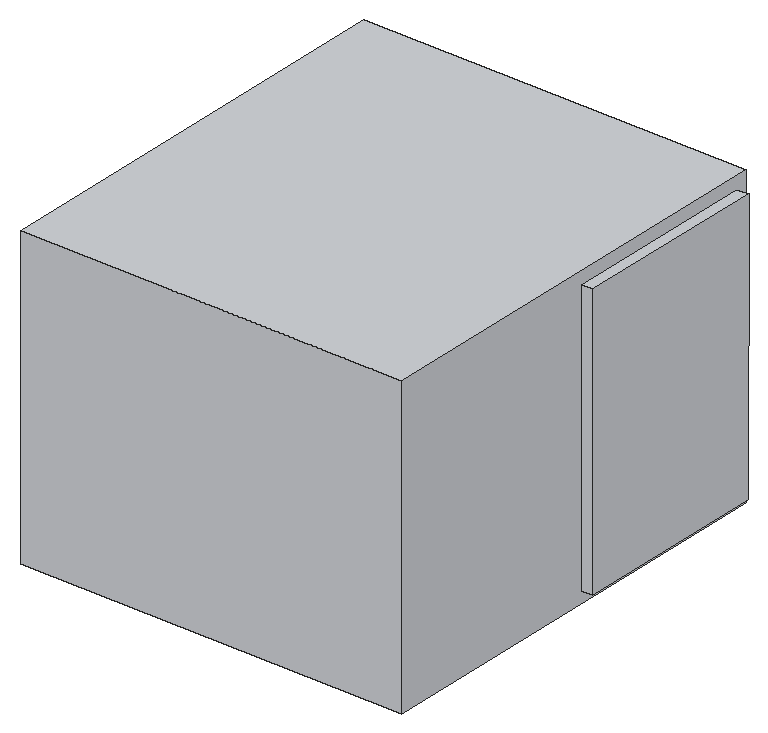
Revit family "M_Filtro AHU - Saco", category Equipamento mecânico, Revit 2019
Family settings
  Cota do conector redondo = Utilizar diâmetro
  Tipo de parte = Normal
  Número OmniClass = 23.75.35.14
  Título OmniClass = Air Handling Units
  ID de item do Seek = AHU Filter - Bag-0000-CAN-ENU
  Com base no plano de trabalho = Não
  Sempre na vertical = Sim
  Corte com vazios quando carregada = Não
  Compartilhado = Não
  Ponto de cálculo do ambiente = Não
Parameters (values of type "Para 0,3 metros quadrados de serpentina")
  Queda de pressão [instance] = 107.0 Pa
  Comprimento 2 = Altura do duto / 2  # 312.5 mm
  Comprimento 1 = Comprimento do filtro / 2  # 400 mm
  Largura do filtro = 900 mm
  Material do filtro = none
  Comprimento do filtro = 800 mm
  Altura do filtro = 625 mm
  Largura do duto = 800 mm
  Altura do duto = 625 mm
  Velocidade do ar [instance] = 2.54 m/s
  Fluxo de ar [instance] = Velocidade do ar * Altura do duto * Largura do duto  # 1270.0 L/s
Types (17, lengths in mm): name | Comprimento 2 | Comprimento 1 | Largura do filtro | Comprimento do filtro | Altura do filtro | Largura do duto | Altura do duto | Fluxo de ar
  (no name) | 312.5 | 400 | 900 | 800 | 625 | 800 | 625 | 1270.0 L/s
  Para 0,3 metros quadrados de serpentina | 312.5 | 400 | 900 | 800 | 625 | 800 | 625 | 1270.0 L/s
  Para 0,6 metros quadrados de serpentina | 350 | 550 | 1050 | 1100 | 700 | 1100 | 700 | 1955.8 L/s
  Para 0,7 metros quadrados de serpentina | 400 | 600 | 1100 | 1200 | 800 | 1200 | 800 | 2438.4 L/s
  Para 0,9 metros quadrados de serpentina | 425 | 750 | 850 | 1500 | 850 | 1500 | 850 | 3238.5 L/s
  Para 1,1 metros quadrados de serpentina | 475 | 800 | 950 | 1600 | 950 | 1600 | 950 | 3860.8 L/s
  Para 1,3 metros quadrados de serpentina | 500 | 850 | 1000 | 1700 | 1000 | 1700 | 1000 | 4318.0 L/s
  Para 1,6 metros quadrados de serpentina | 550 | 925 | 1100 | 1850 | 1100 | 1850 | 1100 | 5168.9 L/s
  Para 2,0 metros quadrados de serpentina | 625 | 950 | 1250 | 1900 | 1250 | 1900 | 1250 | 6032.5 L/s
  Para 2,3 metros quadrados de serpentina | 700 | 975 | 1400 | 1950 | 1400 | 1950 | 1400 | 6934.2 L/s
  Para 2,8 metros quadrados de serpentina | 700 | 1150 | 1400 | 2300 | 1400 | 2300 | 1400 | 8178.8 L/s
  Para 3,3 metros quadrados de serpentina | 775 | 1200 | 1200 | 2400 | 1550 | 2400 | 1550 | 9448.8 L/s
  Para 3,8 metros quadrados de serpentina | 775 | 1375 | 1200 | 2750 | 1550 | 2750 | 1550 | 10826.8 L/s
  Para 4,6 metros quadrados de serpentina | 925 | 1500 | 1200 | 3000 | 1850 | 3000 | 1850 | 14097.0 L/s
  Para 6,1 metros quadrados de serpentina | 1150 | 1750 | 1250 | 3500 | 2300 | 3500 | 2300 | 20447.0 L/s
  Para 7,4 metros quadrados de serpentina | 1375 | 1750 | 1350 | 3500 | 2750 | 3500 | 2750 | 24447.5 L/s
  Para 9,3 metros quadrados de serpentina | 1500 | 1925 | 1500 | 3850 | 3000 | 3850 | 3000 | 29337.0 L/s
Reference planes
  plane 1 "Centro (Frente/Trás)": y = 0
  plane 2: z = 0
  plane 3 "Centro (Esquerda/Direita)": x = 0
  plane 4: x = -400
  plane 5: x = 400
  plane 6: y = 900
  plane 7: z = 625
  plane 8: y = 874.6
  plane 9: z = 599.6
  plane 10: z = 25.4
  plane 11: y = 468.2
  plane 12: x = 425.4
  plane 13: x = -425.4
  plane 14: x = -400
  plane 15: x = 400
  plane 16: z = 625
  plane 17: z = 0
  plane 18: z = 312.5
Forms (mm)
  Extrusion 1, solid, material <- "Material do filtro", detail levels medium+fine
    sketch origin (0, 0, 0) x (1, 0, 0) y (0, 1, 0)
      loop
        line (-400, 900) -> (-400, 0) -> (400, 0) -> (400, 900) -> (-400, 900)
    from 0 to 625
  Extrusion 2, solid, material <- "Material do filtro", detail levels medium+fine
    sketch origin (0, 0, 0) x (0, 1, 0) y (0, 0, 1)
      loop
        line (468.2, 599.6) -> (468.2, 25.4) -> (874.6, 25.4) -> (874.6, 599.6) -> (468.2, 599.6)
    from 400 to 425.4
  Extrusion 3, solid, material <- "Material do filtro", detail levels medium+fine
    sketch origin (0, 0, 0) x (0, 1, 0) y (0, 0, 1)
      loop
        line (874.6, 599.6) -> (468.2, 599.6) -> (468.2, 25.4) -> (874.6, 25.4) -> (874.6, 599.6)
    from -425.4 to -400
  Extrusion 4, solid, material <- "Material do filtro", detail levels coarse
    sketch origin (0, 0, 0) x (1, 0, 0) y (0, 1, 0)
      loop
        line (-425.4, 900) -> (-425.4, 0) -> (425.4, 0) -> (425.4, 900) -> (-425.4, 900)
    from 0 to 625
Cuts and joins
  joined: Extrusion 1, Extrusion 2, Extrusion 3
Dimensions and locks
  equal spacing: plane 4, plane 3 "Centro (Esquerda/Direita)", plane 5
  "Largura do filtro": plane 6 to plane 1 "Centro (Frente/Trás)"
  "Comprimento 1": plane 3 "Centro (Esquerda/Direita)" to plane 5
  "Altura do filtro": plane 7 to plane 2
  locked: plane 8 to plane 6 at 25.4
  locked: plane 7 to plane 9 at 25.4
  locked: plane 10 to plane 2 at 25.4
  locked: plane 11 to plane 8 at 406.4
  locked: plane 5 to plane 12 at 25.4
  locked: plane 13 to plane 4 at 25.4
  equal spacing: plane 15, plane 3 "Centro (Esquerda/Direita)", plane 14
  "Largura do duto": plane 15 to plane 14
  equal spacing: plane 7, plane 18, plane 2
  "Comprimento 2": plane 16 to plane 18
  aligned and locked: plane 7 to Extrusion 1
  aligned and locked: plane 1 "Centro (Frente/Trás)" to Extrusion 1
  aligned and locked: Extrusion 1 to plane 2
  aligned and locked: plane 6 to Extrusion 1
  aligned and locked: plane 12 to Extrusion 2
  aligned and locked: plane 8 to Extrusion 2
  aligned and locked: Extrusion 2 to plane 5
  aligned and locked: Extrusion 2 to plane 11
  aligned and locked: Extrusion 3 to plane 13
  aligned and locked: plane 8 to Extrusion 3
  aligned and locked: plane 4 to Extrusion 3
  aligned and locked: Extrusion 3 to plane 11
  aligned and locked: Extrusion 4 to plane 13  (x2)
  aligned and locked: plane 6 to Extrusion 4  (x2)
  aligned and locked: plane 12 to Extrusion 4
  aligned and locked: plane 1 "Centro (Frente/Trás)" to Extrusion 4
  aligned and locked: plane 6 to cut or joined group of Extrusion 1, Extrusion 2, Extrusion 3
  aligned and locked: Extrusion 4 to plane 17
  aligned and locked: plane 1 "Centro (Frente/Trás)" to cut or joined group of Extrusion 1, Extrusion 2, Extrusion 3
  aligned and locked: plane 7 to Extrusion 4
Automatic sketch dimensions
  Extrusion 1 sketch curve to plane 1 "Centro (Frente/Trás)" = 0 mm
  Extrusion 1 sketch curve to plane 4 = 0 mm
  Extrusion 1 sketch curve to plane 5 = 0 mm
  Extrusion 1 sketch curve to plane 6 = 0 mm
  Extrusion 2 sketch curve to plane 10 = 0 mm
  Extrusion 2 sketch curve to plane 9 = 0 mm
  Extrusion 2 sketch curve to plane 11 = 0 mm
  Extrusion 2 sketch curve to plane 8 = 0 mm
  Extrusion 3 sketch curve to plane 11 = 0 mm
  Extrusion 3 sketch curve to plane 8 = 0 mm
  Extrusion 3 sketch curve to plane 10 = 0 mm
  Extrusion 3 sketch curve to plane 9 = 0 mm
  Extrusion 4 sketch curve to plane 13 = 0 mm
  plane 6 to Extrusion 4 sketch curve = 0 mm
  Extrusion 4 sketch curve to plane 12 = 0 mm
  Extrusion 4 sketch curve to plane 1 "Centro (Frente/Trás)" = 0 mm
Connectors
  hvac at (0, 0, 312.5), driven by "Altura do duto", driven by "Largura do duto", driven by "Fluxo de ar"
    settings: on Extrusion 1, index 1, duct flow 1270.0 L/s, flow factor 0, pres drop 0.0 Pa, loss coef 0, conn angle 0.00°, conn width 800 mm, conn height 625 mm, conn diameter 609.6 mm, duct sys type 1, conn prof type 1, flow config 0, flow direction 0, loss method 0, conn ref index 2, conn util no, is conn primary yes, conn desc ""
  hvac at (0, 900, 312.5), driven by "Altura do duto", driven by "Largura do duto", driven by "Queda de pressão", driven by "Fluxo de ar"
    settings: on Extrusion 1, index 2, duct flow 1270.0 L/s, flow factor 0, pres drop 107.0 Pa, loss coef 0, conn angle 0.00°, conn width 800 mm, conn height 625 mm, conn diameter 609.6 mm, duct sys type 1, conn prof type 1, flow config 0, flow direction 0, loss method 4, conn ref index 1, conn util no, is conn primary no, conn desc ""
